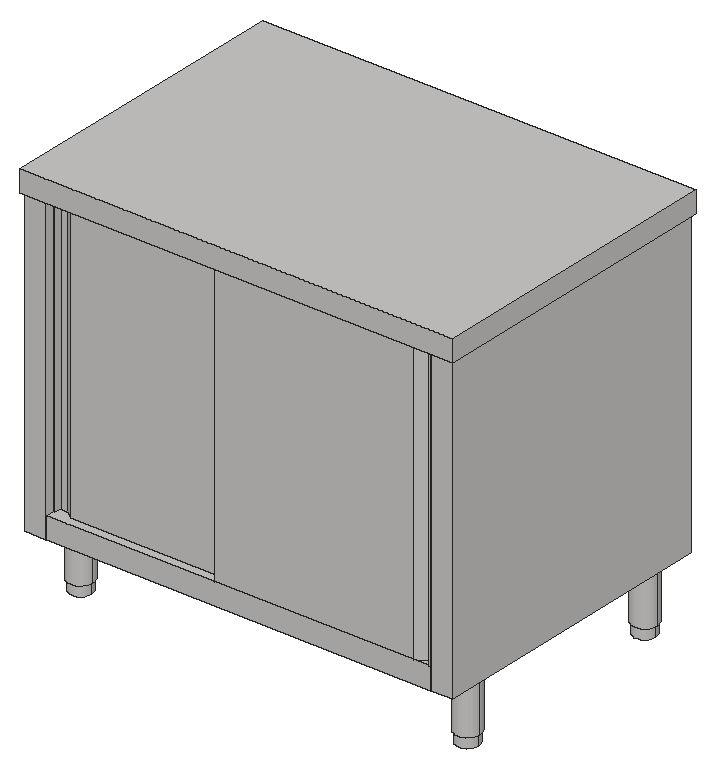
Revit family "QF_ELECTROLUXPROFESSIONAL_132770_MTN1000PN", category Attrezzature speciali, Revit 2020
Family settings
  Quota connettore circolare = Usa diametro
  Tipo di parte = Normale
  Basato su piano di lavoro = No
  Sempre verticale = Sì
  Taglio con vuoti quando caricato = No
  Condiviso = No
  Punto di calcolo locali = No
Parameters (values of type "Standard")
  Weight = 50.00 kg
  Watts = 0 W
  Volts = 0 V
  URL Manufacturer = "https://www.electroluxprofessional.com/"
  URL = "https://www.electroluxprofessional.com/"
  Steam Supply Size = 0 mm
  Steam Supply Minimum Pressure = 0.0 Pa
  Steam Supply Maximum Pressure = 0.0 Pa
  Steam Consumption per Hour = 0
  Refrigeration Suction Line Size = 0.0 mm
  Refrigeration Liquid Line Size = 0.0 mm
  Refrigerant Compressor Remote = yes
  Prospetto di default = 0.0 mm
  Produttore = "Electrolux Professional"
  Phase = 0
  Modello = "MTN1000PN"
  Length Actual = 1000.0 mm  # constant formula
  Item Number = "132770"
  Hot Water Size = 0 mm
  Height Actual = 900.0 mm  # constant formula
  HP = "0 HP"
  Gas Size = 0 mm
  Gas KW = 0
  Gas Input Pressure = 0 W
  Direct Waste Size = 0 mm
  Descrizione = "WORKTOP CUPB.+SHELF+SLIDING DOORS 1000MM"
  Depth Actual = 700.0 mm  # constant formula
  Cycle = 0 Hz
  Condensate Return Size = 0 mm
  Compressed Air Volume = 0.0 L/s
  Compressed Air Size = 0 mm
  Compressed Air Pressure = 0.0 Pa
  Cold Water Size = 0 mm
  Accessory = yes
Reference planes
  plane 1 "Center (Front/Back)": y = 0
  plane 2: z = 0
  plane 3 "Center (Left/Right)": x = 0
  plane 4 "LEFT": x = -500
  plane 5 "RIGHT": x = 500
  plane 6 "BACK": y = 350
  plane 7 "FRONT": y = -350
  plane 8 "Base": z = 850
  plane 9 "TOP": z = 900
  plane 10: x = -446.9
  plane 11: x = 446.9
  plane 12: y = 270
  plane 13: y = -241.9
  plane 14 "BodyLeft": x = -494.5
  plane 15 "BodyFront": y = -344.5
  plane 16 "BodyRight": x = 494.5
  plane 17 "BodyBack": y = 344.5
  plane 18 "FEET": z = 150
  plane 19: x = 55.5
  plane 20: x = -55.5
Forms (mm)
  Extrusion 1, solid, material "QF_Finishes_Stainless Steel"
    sketch origin (0, 0, 0) x (0, 1, 0) y (0, 0, 1)
      loop
        line (-350, 850) -> (350, 850) -> (350, 900) -> (-350, 900) -> (-350, 850)
    from 500 to -500
  Extrusion 2, solid, material "QF_Finishes_Stainless Steel"
    sketch origin (0, 0, 150) x (-1, 0, 0) y (0, -1, 0)
      loop
        line (494.5, -344.5) -> (494.5, 344.5) -> (444.5, 344.5) -> (444.5, -344.5) -> (494.5, -344.5)
      loop
        line (-444.5, -344.5) -> (-444.5, 344.5) -> (-494.5, 344.5) -> (-494.5, -344.5) -> (-444.5, -344.5)
    from 0 to 700
  Extrusion 3, solid, material "QF_Finishes_Stainless Steel"
    sketch origin (0, 0, 150) x (-1, 0, 0) y (0, -1, 0)
      loop
        line (443.585, -344.5) -> (443.585, 344.5) -> (-444.5, 344.5) -> (-444.5, -344.5) -> (443.585, -344.5)
    from 0 to 50
  Extrusion 4, solid, material "QF_Finishes_Stainless Steel"
    sketch origin (0, 0, 150) x (-1, 0, 0) y (0, -1, 0)
      loop
        line (443.585, -344.5) -> (443.585, -294.5) -> (-444.5, -294.5) -> (-444.5, -344.5) -> (443.585, -344.5)
    from 50 to 700
  Extrusion 5, solid, material "QF_Finishes_Stainless Steel"
    sketch origin (0, 0, 150) x (-1, 0, 0) y (0, -1, 0)
      loop
        line (-444.5, 344.5) -> (-444.5, 324.5) -> (55.5, 324.5) -> (55.5, 344.5) -> (-404.5, 344.5) -> (-424.5, 329.5) -> (-439.5, 329.5) -> (-439.5, 344.5) -> (-444.5, 344.5)
    from 50 to 700
  Extrusion 6, solid, material "QF_Finishes_Stainless Steel"
    sketch origin (0, 20, 150) x (1, 0, 0) y (0, 1, 0)
      loop
        line (-444.5, -344.5) -> (-439.5, -344.5) -> (-439.5, -329.5) -> (-424.5, -329.5) -> (-404.5, -344.5) -> (55.5, -344.5) -> (55.5, -324.5) -> (-444.5, -324.5) -> (-444.5, -344.5)
    from 50 to 700
Lines and regions (mm)
  symbolic lines
    curve 1: line (500, 350, 900) -> (-500, 350, 900)
    curve 2: line (-500, 350, 900) -> (-500, -350, 900)
    curve 3: line (-500, -350, 900) -> (500, -350, 900)
    curve 4: line (500, -350, 900) -> (500, 350, 900)
  symbolic lines, style "SpecialityEquipmentHiddenLines"
    curve 5: line (-494.5, 344.5, 150) -> (494.5, 344.5, 150)
    curve 6: line (-494.5, -344.5, 150) -> (-494.5, 344.5, 150)
    curve 7: line (494.5, -344.5, 150) -> (-494.5, -344.5, 150)
    curve 8: line (494.5, 344.5, 150) -> (494.5, -344.5, 150)
    curve 9: line (-444.5, -304.5, 150) -> (55.5, -304.5, 150)
    curve 10: line (55.5, -304.5, 150) -> (55.5, -324.5, 150)
    curve 11: line (-444.5, -324.5, 150) -> (444.5, -324.5, 150)
    curve 12: line (444.5, -324.5, 150) -> (444.5, -344.5, 150)
    curve 13: line (-55.5, -324.5, 150) -> (-55.5, -344.5, 150)
    curve 14: line (-444.5, -304.5, 150) -> (-444.5, -324.5, 150)
Dimensions and locks
  plane 4 "LEFT" to plane 5 "RIGHT" = 1000.0 mm
  equal spacing: plane 4 "LEFT", plane 3 "Center (Left/Right)", plane 5 "RIGHT"
  locked: plane 8 "Base" to level at 850
  plane 9 "TOP" to level = 900.0 mm
  plane 6 "BACK" to plane 7 "FRONT" = 700.0 mm
  equal spacing: plane 6 "BACK", plane 1 "Center (Front/Back)", plane 7 "FRONT"
  locked: plane 4 "LEFT" to plane 14 "BodyLeft" at 5.5
  locked: plane 16 "BodyRight" to plane 5 "RIGHT" at 5.5
  locked: plane 15 "BodyFront" to plane 7 "FRONT" at 5.5
  locked: plane 6 "BACK" to plane 17 "BodyBack" at 5.5
  locked: plane 14 "BodyLeft" to plane 10 at 47.6
  locked: plane 11 to plane 16 "BodyRight" at 47.6
  locked: plane 13 to plane 15 "BodyFront" at 102.6
  locked: plane 17 "BodyBack" to plane 12 at 74.5
  plane 10 to plane 11 = 893.8 mm
  plane 12 to plane 13 = 511.9 mm
  locked: plane 14 "BodyLeft" to Extrusion 2 sketch curve at 50
  locked: Extrusion 2 sketch curve to Extrusion 2 sketch curve at 50
  Extrusion 3 to Extrusion 4 sketch curve = 50.0 mm
  Extrusion 2 to plane 19 = 500.0 mm
  plane 20 to Extrusion 2 = 500.0 mm
  locked: plane 18 "FEET" to level at 150
  aligned and locked: level to plane 2
  aligned and locked: plane 10 to nested 1
  aligned and locked: nested 1 to plane 13
  aligned and locked: plane 11 to nested 2
  aligned and locked: nested 2 to plane 13
  aligned and locked: plane 11 to nested 4
  aligned and locked: nested 4 to plane 12
  aligned and locked: plane 10 to nested 3
  aligned and locked: nested 3 to plane 12
  aligned and locked: Extrusion 1 to plane 4 "LEFT"
  aligned and locked: plane 5 "RIGHT" to Extrusion 1
  aligned and locked: curve 2 to plane 4 "LEFT"
  aligned and locked: plane 17 "BodyBack" to Extrusion 2 sketch curve
  aligned and locked: Extrusion 2 sketch curve to plane 15 "BodyFront"
  aligned and locked: Extrusion 2 sketch curve to plane 14 "BodyLeft"
  aligned and locked: plane 16 "BodyRight" to Extrusion 2 sketch curve
  aligned and locked: Extrusion 2 sketch curve to plane 17 "BodyBack"
  aligned and locked: plane 15 "BodyFront" to Extrusion 2 sketch curve
  aligned and locked: Extrusion 3 sketch curve to plane 17 "BodyBack"
  aligned and locked: plane 15 "BodyFront" to Extrusion 3 sketch curve
  aligned and locked: plane 8 "Base" to Extrusion 2
  aligned and locked: Extrusion 4 sketch curve to Extrusion 3
  aligned and locked: plane 8 "Base" to Extrusion 5
  aligned and locked: Extrusion 5 to Extrusion 3
  aligned and locked: Extrusion 6 sketch curve to plane 19
  aligned and locked: Extrusion 5 sketch curve to plane 20
  aligned and locked: Extrusion 1 to plane 8 "Base"
  aligned and locked: plane 9 "TOP" to Extrusion 1
  aligned and locked: curve 5 to plane 17 "BodyBack"
  aligned and locked: plane 14 "BodyLeft" to curve 6
  aligned and locked: plane 15 "BodyFront" to curve 7
  aligned and locked: plane 16 "BodyRight" to curve 8
Automatic sketch dimensions
  curve 3 to plane 7 "FRONT" = 0.0 mm
  curve 4 to plane 6 "BACK" = 0.0 mm
  Extrusion 1 sketch curve to plane 7 "FRONT" = 0.0 mm
  plane 9 "TOP" to Extrusion 1 sketch curve = 0.0 mm
  Extrusion 1 sketch curve to plane 6 "BACK" = 0.0 mm
  Extrusion 1 sketch curve to plane 8 "Base" = 0.0 mm
  Extrusion 5 sketch curve to plane 15 "BodyFront" = 0.0 mm  (x2)
  Extrusion 5 sketch curve to plane 11 = 2.4 mm
  Extrusion 5 sketch curve to Extrusion 5 sketch curve = 5.0 mm
  Extrusion 5 sketch curve to Extrusion 5 sketch curve = 15.0 mm
  Extrusion 5 sketch curve to Extrusion 5 sketch curve = 20.0 mm
  plane 15 "BodyFront" to Extrusion 5 sketch curve = 15.0 mm
  plane 15 "BodyFront" to Extrusion 5 sketch curve = 20.0 mm
  Extrusion 6 sketch curve to plane 15 "BodyFront" = 20.0 mm  (x2)
  Extrusion 6 sketch curve to plane 10 = 2.4 mm
  Extrusion 6 sketch curve to Extrusion 6 sketch curve = 5.0 mm
  Extrusion 6 sketch curve to Extrusion 6 sketch curve = 15.0 mm
  Extrusion 6 sketch curve to Extrusion 6 sketch curve = 20.0 mm  (x2)
  Extrusion 6 sketch curve to plane 15 "BodyFront" = 35.0 mm
  Extrusion 3 sketch curve to plane 11 = 2.4 mm
  plane 10 to Extrusion 3 sketch curve = 3.315 mm
  Extrusion 4 sketch curve to plane 11 = 2.4 mm
  plane 10 to Extrusion 4 sketch curve = 3.315 mm
  curve 10 to plane 19 = 0.0 mm
  curve 13 to plane 20 = 0.0 mm
  curve 11 to plane 11 = 2.4 mm
  plane 15 "BodyFront" to curve 9 = 40.0 mm
  curve 12 to curve 12 = 20.0 mm
  plane 10 to curve 14 = 2.4 mm
  curve 4 to plane 5 "RIGHT" = 0.0 mm
Nested families
  nested 1: "FEET_D58-150" at (-446.9, -241.9, 0), type "FEET_D58-150"
  nested 2: "FEET_D58-150" at (446.9, -241.9, 0), type "FEET_D58-150"
  nested 3: "FEET_D58-150" at (-446.9, 270, 0), type "FEET_D58-150"
  nested 4: "FEET_D58-150" at (446.9, 270, 0), type "FEET_D58-150"
Definition of nested family "FEET_D58-150"
  Parameters
    Default Elevation = 0.0 mm
    FEET = 150.0 mm
  Reference planes
    plane 1 "Center (Front/Back)": y = 0
    plane 2: z = 0
    plane 3 "Center (Left/Right)": x = 0
    plane 4: z = 150
  Forms (mm)
    Extrusion 1, solid
      sketch origin (0, 0, 0) x (1, 0, 0) y (0, 1, 0)
        loop
          circle (0, 0) r 25
      from 0 to 25
    Extrusion 2, solid
      sketch origin (0, 0, 0) x (1, 0, 0) y (0, 1, 0)
        loop
          circle (0.061, 0) r 29
      from 25 to 150 <- "FEET"
  Lines and regions (mm)
    symbolic lines
      curve 1: line (0, -1.503, 0) -> (0, 1.508, 0)
      curve 2: line (1.561, 0, 0) -> (-1.439, 0, 0)
  Dimensions and locks
    "FEET": plane 4 to plane 2
    aligned and locked: level to plane 2
  Automatic sketch dimensions
    plane 1 "Center (Front/Back)" to Extrusion 1 sketch curve = 0.0 mm
    Extrusion 1 sketch curve to plane 3 "Center (Left/Right)" = 0.0 mm
    plane 1 "Center (Front/Back)" to curve 2 = 0.0 mm
    curve 1 to plane 3 "Center (Left/Right)" = 0.0 mm
    curve 2 to plane 3 "Center (Left/Right)" = 1.439 mm
    plane 3 "Center (Left/Right)" to curve 2 = 1.561 mm
    plane 1 "Center (Front/Back)" to curve 1 = 1.503 mm
    curve 1 to plane 1 "Center (Front/Back)" = 1.508 mm
    plane 1 "Center (Front/Back)" to Extrusion 2 sketch curve = 0.0 mm
    plane 3 "Center (Left/Right)" to Extrusion 2 sketch curve = 0.061 mm
    radius of Extrusion 1 sketch curve = 25.0 mm
    radius of Extrusion 2 sketch curve = 29.0 mm
